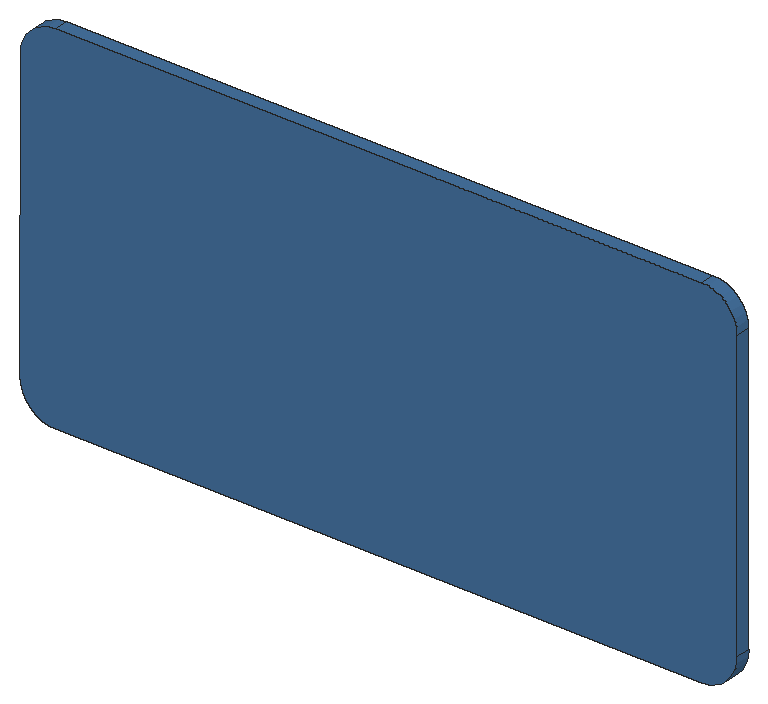
Revit family "Haworth_BuzziFrontDesk", category Furniture, Revit 2018
Family settings
  OmniClass Number = 23.40.70.14.64.21
  OmniClass Title = Systems Furniture
  Work Plane-Based = No
  Always vertical = Yes
  Cut with Voids When Loaded = No
  Shared = No
  Room Calculation Point = No
Parameters (values of type "HCBZ-FDS1 - Low Screen")
  Width = 70 223/256"
  Warranty = "http://www.haworth.com/resources/product-info/warranties"
  Void Length = if(Rounded Corners, 12", 3")  # 12"
  Upholstery Finish [instance] = Haworth _ Fabric _ BuzziFelt _ Jeans BFE-75
  URL - Product = "https://www.haworth.com/products/workspaces/accessories/buzzifrontdesk"
  URL = "http://www.haworth.com/our-brands/haworth-collection"
  Standard Widths = "39.37, 47.24, 55.12, 62.99, 70.87 in"  # constant formula
  Squared Corners = no
  Size = "Verify Final Dim. w/ Haworth"  # constant formula
  Rounded Corners = not(Squared Corners)  # yes
  Revision Number = "1"  # constant formula
  Model = "HCBZ-FDS"  # constant formula
  Min. Width = 39 95/256"  # constant formula
  Medium = no
  Max. Width = 70 223/256"  # constant formula
  Manufacturer = "Haworth"  # constant formula
  Low = yes
  High = not(or(Low, Medium))  # no
  Description = "Haworth BuzziFrontDesk Low Screen"
  Custom Size = not(and(and(Actual Depth = 3 45/128"), or(Width = 39 95/256", Width = 47 61/256", Width = 55 31/256", Width = 62 253/256", Width = 70 223/256")))  # no
  Bracket Finish [instance] = Haworth _ Paint _ White BTR-9010
  Author = "Haworth (Abd Rahman)"  # constant formula
  Assembly Code = "E2020200"
  Actual Width = if(Width > Max. Width, Max. Width, if(Width < Min. Width, Min. Width, Width))  # 70 223/256"
  Actual Mounting Height = 4 1/8"  # constant formula
  Actual Height = if(Low, 35 55/128", if(Medium, 39 95/256", 43 77/256"))  # 35 55/128"
  Actual Depth = 3 45/128"  # constant formula
Types (3): name | Medium | Low | High | Description | Actual Height
  HCBZ-FDS1 - Low Screen | no | yes | no | "Haworth BuzziFrontDesk Low Screen" | 35 55/128"
  HCBZ-FDS2 - Medium Screen | yes | no | no | "Haworth BuzziFrontDesk Medium Screen" | 39 95/256"
  HCBZ-FDS3 - High Screen | no | no | yes | "Haworth BuzziFrontDesk High Screen" | 43 77/256"
Reference planes (in)
  plane 1 "Center F/B": y = 1.75
  plane 2: z = 0
  plane 3 "Back": y = 3.72266
  plane 4 "Front": y = 0.37109
  plane 5 "Bottom": z = 4.125
  plane 6 "Right": x = 57.89592
  plane 7 "Left": x = -12.97517
  plane 8: x = 22.46038
  plane 9: z = 39.55469
  plane 10: y = -5.75176
  plane 11: y = 6.24824
  plane 12: y = -5.75176
  plane 13: y = 6.24824
Forms (in)
  Extrusion 1, solid, material "Haworth _ Fabric _ BuzziFelt _ Jeans BFE-75" <- "Upholstery Finish"
    sketch origin (0, 1.75, 0) x (1, 0, 0) y (0, 0, 1)
      loop
        line (-12.97517, 39.55469) -> (-12.97517, 4.125) -> (57.89592, 4.125) -> (57.89592, 39.55469) -> (-12.97517, 39.55469)
    from 0 to 1.37891
  Extrusion 2, void
    sketch origin (44.92075, 1.75, 0) x (-1, 0, 0) y (0, 0, -1)
      loop
        line (-12.97517, -36.05469) -> (-13.97517, -36.05469) -> (-13.97517, -40.80469) -> (-9.47517, -40.80469) -> (-9.47517, -39.55469)
        arc (-9.47517, -39.55469) -> (-11.95004, -38.52956) -> (-12.97517, -36.05469) r 3.5
    from 7.50176 to -4.49824
  Extrusion 3, solid, material "Haworth _ Paint _ White BTR-9010" <- "Bracket Finish"
    sketch origin (0, 0, 0) x (1, 0, 0) y (0, 1, 0)
      loop
        line (-7.66703, 3.72094) -> (-8.8328, 3.72094)
        arc (-8.8328, 3.72094) -> (-9.11682, 3.60329) -> (-9.23447, 3.31927) r 0.40167
        line (-9.23447, 3.31927) -> (-9.23447, 1.75) -> (-7.26596, 1.75) -> (-7.26596, 3.31987)
        arc (-7.26596, 3.31987) -> (-7.38343, 3.60347) -> (-7.66703, 3.72094) r 0.40107
    from 29.64561 to 29.76372
  Extrusion 4, solid, material "Haworth _ Paint _ White BTR-9010" <- "Bracket Finish"
    sketch origin (0, 0.00001, -1.5748) x (1, 0, 0) y (0, 1, 0)
      loop
        line (-7.66703, 3.72094) -> (-8.8328, 3.72094)
        arc (-8.8328, 3.72094) -> (-9.11682, 3.60329) -> (-9.23447, 3.31927) r 0.40167
        line (-9.23447, 3.31927) -> (-9.23447, 1.87053) -> (-7.26596, 1.87053) -> (-7.26596, 3.31987)
        arc (-7.26596, 3.31987) -> (-7.38343, 3.60347) -> (-7.66703, 3.72094) r 0.40107
    from 29.64561 to 29.76372
  Extrusion 5, solid, material "Haworth _ Paint _ White BTR-9010" <- "Bracket Finish"
    sketch origin (0, 3.72266, 0) x (-1, 0, 0) y (0, 0, 1)
      loop
        arc (7.26596, 18.22829) -> (7.38127, 17.9499) -> (7.65966, 17.83459) r 0.3937
        line (7.65966, 17.83459) -> (8.84076, 17.83459)
        arc (8.84076, 17.83459) -> (9.11915, 17.9499) -> (9.23447, 18.22829) r 0.3937
        line (9.23447, 18.22829) -> (7.26596, 18.22829)
    from -1.97266 to -1.85211
  Blend 6, solid, material "Haworth _ Paint _ White BTR-9010" <- "Bracket Finish"
    base sketch origin (0, 0, 0) x (1, 0, 0) y (0, 1, 0)
      loop
        circle (-8.25021, 2.73669) r 0.15748
    top sketch origin (0, 0, 0) x (1, 0, 0) y (0, 1, 0)
      loop
        circle (-8.25021, 2.73669) r 0.58953
    from 28.18892 to 28.29543
  Extrusion 7, solid, material "Haworth _ Paint _ White BTR-9010" <- "Bracket Finish"
    sketch origin (0, 0, 0) x (1, 0, 0) y (0, 1, 0)
      loop
        circle (-8.25021, 2.73669) r 0.58953
    from 28.29543 to 28.37791
  Extrusion 8, solid, material "Haworth _ Paint _ White BTR-9010" <- "Bracket Finish"
    sketch origin (0, 0, 0) x (1, 0, 0) y (0, 1, 0)
      loop
        circle (-8.25021, 2.73669) r 0.30612
    from 27.67711 to 28.07081
  Extrusion 9, solid, material "Haworth _ Paint _ White BTR-9010" <- "Bracket Finish"
    sketch origin (0, 0, 0) x (1, 0, 0) y (0, 1, 0)
      loop
        circle (-8.25021, 2.73669) r 0.15748
    from 27.67711 to 27.1653
  Extrusion 10, solid, material "Haworth _ Paint _ White BTR-9010" <- "Bracket Finish"
    sketch origin (0, 0, 0) x (1, 0, 0) y (0, 1, 0)
      loop
        line (-9.23447, 1.87054) -> (-9.23447, 1.75) -> (-7.26596, 1.75) -> (-7.26596, 1.87054) -> (-9.23447, 1.87054)
    from 18.22656 to 29.64561
  Extrusion 11, solid, material "Haworth _ Paint _ White BTR-9010" <- "Bracket Finish"
    sketch origin (44.92075, 0, 0) x (-1, 0, 0) y (0, -1, 0)
      loop
        arc (-7.66703, -3.72094) -> (-7.38343, -3.60347) -> (-7.26596, -3.31987) r 0.40107
        line (-7.26596, -3.31987) -> (-7.26596, -1.75) -> (-9.23447, -1.75) -> (-9.23447, -3.31927)
        arc (-9.23447, -3.31927) -> (-9.11682, -3.60329) -> (-8.8328, -3.72094) r 0.40167
        line (-8.8328, -3.72094) -> (-7.66703, -3.72094)
    from 29.64561 to 29.76372
  Extrusion 12, solid, material "Haworth _ Paint _ White BTR-9010" <- "Bracket Finish"
    sketch origin (44.92075, 0.00001, -1.5748) x (-1, 0, 0) y (0, -1, 0)
      loop
        arc (-7.66703, -3.72094) -> (-7.38343, -3.60347) -> (-7.26596, -3.31987) r 0.40107
        line (-7.26596, -3.31987) -> (-7.26596, -1.87053) -> (-9.23447, -1.87053) -> (-9.23447, -3.31927)
        arc (-9.23447, -3.31927) -> (-9.11682, -3.60329) -> (-8.8328, -3.72094) r 0.40167
        line (-8.8328, -3.72094) -> (-7.66703, -3.72094)
    from 29.64561 to 29.76372
  Extrusion 13, solid, material "Haworth _ Paint _ White BTR-9010" <- "Bracket Finish"
    sketch origin (44.92075, 3.72266, 0) x (1, 0, 0) y (0, 0, -1)
      loop
        line (7.26596, -18.22829) -> (9.23447, -18.22829)
        arc (9.23447, -18.22829) -> (9.11915, -17.9499) -> (8.84076, -17.83459) r 0.3937
        line (8.84076, -17.83459) -> (7.65966, -17.83459)
        arc (7.65966, -17.83459) -> (7.38127, -17.9499) -> (7.26596, -18.22829) r 0.3937
    from -1.97266 to -1.85211
  Blend 14, solid, material "Haworth _ Paint _ White BTR-9010" <- "Bracket Finish"
    base sketch origin (44.92075, 0, 0) x (-1, 0, 0) y (0, -1, 0)
      loop
        circle (-8.25021, -2.73669) r 0.15748
    top sketch origin (44.92075, 0, 0) x (-1, 0, 0) y (0, -1, 0)
      loop
        circle (-8.25021, -2.73669) r 0.58953
    from 28.18892 to 28.29543
  Extrusion 15, solid, material "Haworth _ Paint _ White BTR-9010" <- "Bracket Finish"
    sketch origin (44.92075, 0, 0) x (-1, 0, 0) y (0, -1, 0)
      loop
        circle (-8.25021, -2.73669) r 0.58953
    from 28.29543 to 28.37791
  Extrusion 16, solid, material "Haworth _ Paint _ White BTR-9010" <- "Bracket Finish"
    sketch origin (44.92075, 0, 0) x (-1, 0, 0) y (0, -1, 0)
      loop
        circle (-8.25021, -2.73669) r 0.30612
    from 27.67711 to 28.07081
  Extrusion 17, solid, material "Haworth _ Paint _ White BTR-9010" <- "Bracket Finish"
    sketch origin (44.92075, 0, 0) x (-1, 0, 0) y (0, -1, 0)
      loop
        circle (-8.25021, -2.73669) r 0.15748
    from 27.67711 to 27.1653
  Extrusion 18, solid, material "Haworth _ Paint _ White BTR-9010" <- "Bracket Finish"
    sketch origin (44.92075, 0, 0) x (-1, 0, 0) y (0, -1, 0)
      loop
        line (-9.23447, -1.87054) -> (-7.26596, -1.87054) -> (-7.26596, -1.75) -> (-9.23447, -1.75) -> (-9.23447, -1.87054)
    from 18.22656 to 29.64561
  Extrusion 19, void
    sketch origin (0, 1.75, 0) x (1, 0, 0) y (0, 0, 1)
      loop
        arc (-12.97517, 36.05469) -> (-11.95004, 38.52956) -> (-9.47517, 39.55469) r 3.5
        line (-9.47517, 39.55469) -> (-9.47517, 40.80469) -> (-13.97517, 40.80469) -> (-13.97517, 36.05469) -> (-12.97517, 36.05469)
    from 7.50176 to -4.49824
  Extrusion 20, void
    sketch origin (44.92075, 1.75, 43.67188) x (-1, 0, 0) y (0, 0, -1)
      loop
        line (-9.47517, 39.54687) -> (-9.47517, 40.04687) -> (-13.72517, 40.04687) -> (-13.72517, 36.04687) -> (-12.97517, 36.04687)
        arc (-12.97517, 36.04687) -> (-11.95004, 38.52175) -> (-9.47517, 39.54687) r 3.5
    from 7.50176 to -4.49824
  Extrusion 21, void
    sketch origin (0, 1.75, 43.67188) x (1, 0, 0) y (0, 0, 1)
      loop
        arc (-9.47517, -39.54687) -> (-11.95004, -38.52175) -> (-12.97517, -36.04687) r 3.5
        line (-12.97517, -36.04687) -> (-13.72517, -36.04687) -> (-13.72517, -40.04687) -> (-9.47517, -40.04687) -> (-9.47517, -39.54687)
    from 7.50176 to -4.49824
Cuts and joins
  Extrusion 2, Extrusion 19, Extrusion 20, Extrusion 21 cuts Extrusion 1
  joined: Extrusion 3, Extrusion 4, Extrusion 5, Blend 6, Extrusion 7, Extrusion 8, Extrusion 9, Extrusion 10
  joined: Extrusion 13, Extrusion 18
Lines and regions (in)
  Masking region 1
    outline origin (0, 0, 0) x (1, 0, 0) y (0, 1, 0)
      loop
        line (-12.97517, 0.37109) -> (57.89592, 0.37109) -> (57.89592, 1.75) -> (54.15522, 1.75) -> (54.15522, 3.31927)
        arc (54.15522, 3.31927) -> (54.03757, 3.60329) -> (53.75355, 3.72094) r 0.40167
        line (53.75355, 3.72094) -> (52.58778, 3.72094)
        arc (52.58778, 3.72094) -> (52.30418, 3.60347) -> (52.18671, 3.31987) r 0.40107
        line (52.18671, 3.31987) -> (52.18671, 1.75) -> (-7.26596, 1.75) -> (-7.26596, 3.31987)
        arc (-7.26596, 3.31987) -> (-7.38343, 3.60347) -> (-7.66703, 3.72094) r 0.40107
        line (-7.66703, 3.72094) -> (-8.8328, 3.72094)
        arc (-8.8328, 3.72094) -> (-9.11682, 3.60329) -> (-9.23447, 3.31927) r 0.40167
        line (-9.23447, 3.31927) -> (-9.23447, 1.75) -> (-12.97517, 1.75) -> (-12.97517, 0.37109)
Dimensions and locks (in)
  "Actual Width": plane 7 "Left" to plane 6 "Right"
  equal spacing: plane 7 "Left", plane 8, plane 6 "Right"
  "Void Length": plane 11 to plane 10
  "Void Length": plane 13 to plane 12
  "Actual Height": plane 9 to plane 5 "Bottom"
  "Actual Mounting Height": plane 5 "Bottom" to level
  "Actual Depth": plane 4 "Front" to plane 3 "Back"
  plane 3 "Back" to plane 4 "Front" = 3 45/128"
  plane 4 "Front" to plane 1 "Center F/B" to plane 3 "Back" = 1 97/256", 1 249/256"
  aligned and locked: plane 4 "Front" to Extrusion 1
  aligned and locked: Extrusion 1 sketch curve to plane 6 "Right"
  aligned and locked: Extrusion 1 sketch curve to plane 7 "Left"
  aligned and locked: Extrusion 2 to plane 12
  aligned and locked: plane 13 to Extrusion 2
  aligned and locked: plane 7 "Left" to cut or joined group of Extrusion 1, Extrusion 2, Extrusion 19, Extrusion 20, Extrusion 21
  aligned and locked: plane 6 "Right" to cut or joined group of Extrusion 1, Extrusion 2, Extrusion 19, Extrusion 20, Extrusion 21  (x2)
  aligned and locked: plane 4 "Front" to cut or joined group of Extrusion 1, Extrusion 2, Extrusion 19, Extrusion 20, Extrusion 21
  aligned and locked: cut or joined group of Extrusion 1, Extrusion 2, Extrusion 19, Extrusion 20, Extrusion 21 to plane 5 "Bottom"
  aligned and locked: plane 9 to cut or joined group of Extrusion 1, Extrusion 2, Extrusion 19, Extrusion 20, Extrusion 21
  aligned and locked: cut or joined group of Extrusion 1, Extrusion 2, Extrusion 19, Extrusion 20, Extrusion 21 to plane 1 "Center F/B"
  aligned and locked: plane 1 "Center F/B" to Extrusion 5
  aligned and locked: Blend 6 to Extrusion 4
  aligned and locked: Extrusion 7 to Blend 6
  aligned and locked: Extrusion 12 to Blend 14
  aligned and locked: Blend 14 to Extrusion 15
  aligned and locked: Extrusion 19 to plane 10
  aligned and locked: plane 11 to Extrusion 19
  aligned and locked: Extrusion 2 to Extrusion 20
  aligned and locked: Extrusion 21 to plane 10
  aligned and locked: plane 11 to Extrusion 21
  aligned and locked: plane 1 "Center F/B" to Extrusion 18
  aligned and locked: plane 1 "Center F/B" to Extrusion 11
Automatic sketch dimensions
  Extrusion 1 sketch curve to plane 5 "Bottom" = 0"
  Extrusion 1 sketch curve to plane 9 = 0"
  Extrusion 2 sketch curve to plane 6 "Right" = 0"
  Extrusion 2 sketch curve to plane 9 = 0"
  Extrusion 2 sketch curve to plane 6 "Right" = 1"
  plane 6 "Right" to Extrusion 2 sketch curve = 3 1/2"
  Extrusion 2 sketch curve to plane 9 = 1 1/4"
  plane 1 "Center F/B" to Extrusion 3 sketch curve = 0"
  Extrusion 3 sketch curve to plane 3 "Back" = 0.40339"
  Extrusion 3 sketch curve to plane 7 "Left" = 3.7407"
  Extrusion 3 sketch curve to plane 3 "Back" = 0.00172"
  Extrusion 3 sketch curve to Extrusion 3 sketch curve = 1.16577"
  Extrusion 3 sketch curve to Extrusion 3 sketch curve = 0.40107"
  Extrusion 4 sketch curve to plane 3 "Back" = 0.40337"
  Extrusion 4 sketch curve to plane 7 "Left" = 3.7407"
  Extrusion 4 sketch curve to plane 3 "Back" = 0.00171"
  Extrusion 4 sketch curve to Extrusion 4 sketch curve = 1.16577"
  Extrusion 4 sketch curve to Extrusion 4 sketch curve = 0.40107"
  Extrusion 4 sketch curve to plane 1 "Center F/B" = 0.12054"
  Extrusion 5 sketch curve to plane 7 "Left" = 5.70921"
  Extrusion 5 sketch curve to Extrusion 5 sketch curve = 0.3937"
  Extrusion 5 sketch curve to Extrusion 5 sketch curve = 1.1811"
  plane 5 "Bottom" to Extrusion 5 sketch curve = 13.70959"
  Blend 6 sketch curve to plane 3 "Back" = 0.98597"  (x2)
  Blend 6 sketch curve to plane 7 "Left" = 4.72496"  (x2)
  Extrusion 7 sketch curve to plane 3 "Back" = 0.98597"
  Extrusion 7 sketch curve to plane 7 "Left" = 4.72496"
  Extrusion 8 sketch curve to plane 3 "Back" = 0.98597"
  Extrusion 8 sketch curve to plane 7 "Left" = 4.72496"
  Extrusion 9 sketch curve to plane 3 "Back" = 0.98597"
  Extrusion 9 sketch curve to plane 7 "Left" = 4.72496"
  plane 1 "Center F/B" to Extrusion 10 sketch curve = 0"
  Extrusion 10 sketch curve to plane 7 "Left" = 3.7407"
  Extrusion 10 sketch curve to Extrusion 10 sketch curve = 1.9685"
  Extrusion 10 sketch curve to plane 1 "Center F/B" = 0.12054"
  plane 1 "Center F/B" to Extrusion 11 sketch curve = 0"
  plane 3 "Back" to Extrusion 11 sketch curve = 0.40339"
  plane 6 "Right" to Extrusion 11 sketch curve = 3.7407"
  plane 3 "Back" to Extrusion 11 sketch curve = 0.00172"
  Extrusion 11 sketch curve to Extrusion 11 sketch curve = 1.16577"
  Extrusion 11 sketch curve to Extrusion 11 sketch curve = 0.40107"
  Extrusion 12 sketch curve to plane 3 "Back" = 0.40337"
  Extrusion 12 sketch curve to plane 6 "Right" = 3.7407"
  Extrusion 12 sketch curve to plane 3 "Back" = 0.00171"
  Extrusion 12 sketch curve to Extrusion 12 sketch curve = 1.16577"
  Extrusion 12 sketch curve to Extrusion 12 sketch curve = 0.40107"
  Extrusion 12 sketch curve to plane 1 "Center F/B" = 0.12054"
  plane 6 "Right" to Extrusion 13 sketch curve = 5.70921"
  Extrusion 13 sketch curve to Extrusion 13 sketch curve = 0.3937"
  Extrusion 13 sketch curve to Extrusion 13 sketch curve = 1.1811"
  Extrusion 13 sketch curve to plane 5 "Bottom" = 13.70959"
  plane 3 "Back" to Blend 14 sketch curve = 0.98597"  (x2)
  plane 6 "Right" to Blend 14 sketch curve = 4.72496"  (x2)
  plane 3 "Back" to Extrusion 15 sketch curve = 0.98597"
  plane 6 "Right" to Extrusion 15 sketch curve = 4.72496"
  plane 3 "Back" to Extrusion 16 sketch curve = 0.98597"
  plane 6 "Right" to Extrusion 16 sketch curve = 4.72496"
  plane 3 "Back" to Extrusion 17 sketch curve = 0.98597"
  plane 6 "Right" to Extrusion 17 sketch curve = 4.72496"
  plane 1 "Center F/B" to Extrusion 18 sketch curve = 0"
  plane 6 "Right" to Extrusion 18 sketch curve = 3.7407"
  Extrusion 18 sketch curve to Extrusion 18 sketch curve = 1.9685"
  plane 1 "Center F/B" to Extrusion 18 sketch curve = 0.12054"
  plane 7 "Left" to Extrusion 19 sketch curve = 0"
  Extrusion 19 sketch curve to plane 9 = 0"
  plane 7 "Left" to Extrusion 19 sketch curve = 1"
  Extrusion 19 sketch curve to plane 7 "Left" = 3 1/2"
  plane 9 to Extrusion 19 sketch curve = 1 1/4"
  Extrusion 20 sketch curve to plane 6 "Right" = 0"
  Extrusion 20 sketch curve to plane 5 "Bottom" = 0"
  Extrusion 20 sketch curve to Extrusion 20 sketch curve = 3/4"
  Extrusion 20 sketch curve to Extrusion 20 sketch curve = 3 1/2"
  Extrusion 20 sketch curve to plane 5 "Bottom" = 1/2"
  plane 4 "Front" to Masking region 1 sketch curve = 0"
  Masking region 1 sketch curve to plane 7 "Left" = 0"
  plane 1 "Center F/B" to Masking region 1 sketch curve = 0"  (x3)
  Masking region 1 sketch curve to plane 6 "Right" = 0"
  Masking region 1 sketch curve to plane 7 "Left" = 3.7407"
  Masking region 1 sketch curve to Masking region 1 sketch curve = 0.40167"  (x2)
  Masking region 1 sketch curve to plane 3 "Back" = 0.00172"
  Masking region 1 sketch curve to Masking region 1 sketch curve = 1.16577"  (x2)
  Masking region 1 sketch curve to Masking region 1 sketch curve = 0.40107"  (x2)
  Masking region 1 sketch curve to Masking region 1 sketch curve = 5.70921"
  Masking region 1 sketch curve to plane 3 "Back" = 0.40339"
  plane 7 "Left" to Extrusion 21 sketch curve = 0"
  Extrusion 21 sketch curve to plane 5 "Bottom" = 0"
  Extrusion 21 sketch curve to plane 7 "Left" = 3/4"
  Extrusion 21 sketch curve to Extrusion 21 sketch curve = 3 1/2"
  plane 5 "Bottom" to Extrusion 21 sketch curve = 1/2"
  radius of Blend 6 sketch curve = 0.15748"
  radius of Blend 6 sketch curve = 0.58953"
  radius of Extrusion 7 sketch curve = 0.58953"
  radius of Extrusion 8 sketch curve = 0.30612"
  radius of Extrusion 9 sketch curve = 0.15748"
  radius of Blend 14 sketch curve = 0.15748"
  radius of Blend 14 sketch curve = 0.58953"
  radius of Extrusion 15 sketch curve = 0.58953"
  radius of Extrusion 16 sketch curve = 0.30612"
  radius of Extrusion 17 sketch curve = 0.15748"
